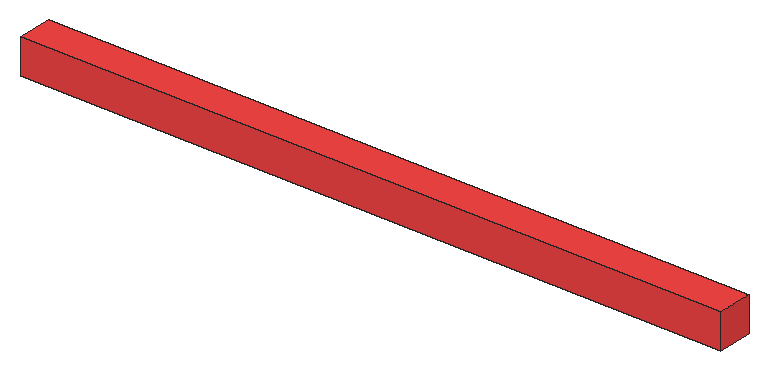
Revit family "VFB_FF109-25", category Specialty Equipment, Revit 2015
Parameters (values of type "50mm x 50mm x 1000mm")
  Youtube Clip = ""
  Width = 50 mm
  URL = "https://www.tenmat.com/passive-fire-protection/"
  Tenmat Item Number = ""
  Performance = "BS EN 1366-3:2009 & BS 476, ETA-12/0332, 1224-CPR-0341, CE Marked"
  Material/Grade = "Intumescent Material"
  Manufacturer = "Tenmat ltd"
  Length_Calc [instance] = if(Length < 1000 mm, if(Length > 1 mm, Length, 1 mm), 1000 mm)  # 1000 mm
  Length [instance] = 1000 mm
  IFC Classification = "Building Element Proxy"
  Description = "FF109/25 50mm x 50mm x Max Length 1000mm"
  Depth = 50 mm
Reference planes
  plane 1 "Center (Front/Back)": y = 0
  plane 2: z = 0
  plane 3 "Center (Left/Right)": x = 0
  plane 4: x = -500
  plane 5: y = 25
  plane 6: x = 500
  plane 7: y = -25
  plane 8: z = 50
Forms (mm)
  Extrusion 1, solid, material "Tenmat"
    sketch origin (0, 0, 0) x (1, 0, 0) y (0, 1, 0)
      loop
        line (-500, 25) -> (-500, -25) -> (500, -25) -> (500, 25) -> (-500, 25)
    from 0 to 50
Dimensions and locks
  equal spacing: plane 4, plane 3 "Center (Left/Right)", plane 6
  "Length_Calc": plane 4 to plane 6
  equal spacing: plane 5, plane 1 "Center (Front/Back)", plane 7
  "Width": plane 8 to plane 2
  "Depth": plane 7 to plane 5
  aligned and locked: level to plane 2
  aligned and locked: Extrusion 1 to plane 2
  aligned and locked: plane 8 to Extrusion 1
  aligned and locked: plane 5 to Extrusion 1
  aligned and locked: plane 7 to Extrusion 1
  aligned and locked: Extrusion 1 to plane 6  (x2)
  aligned and locked: Extrusion 1 to plane 4
Automatic sketch dimensions
  Extrusion 1 sketch curve to plane 4 = 0 mm
  Extrusion 1 sketch curve to plane 6 = 0 mm
  plane 1 "Center (Front/Back)" to Extrusion 1 sketch curve = 25 mm
  Extrusion 1 sketch curve to plane 1 "Center (Front/Back)" = 25 mm
